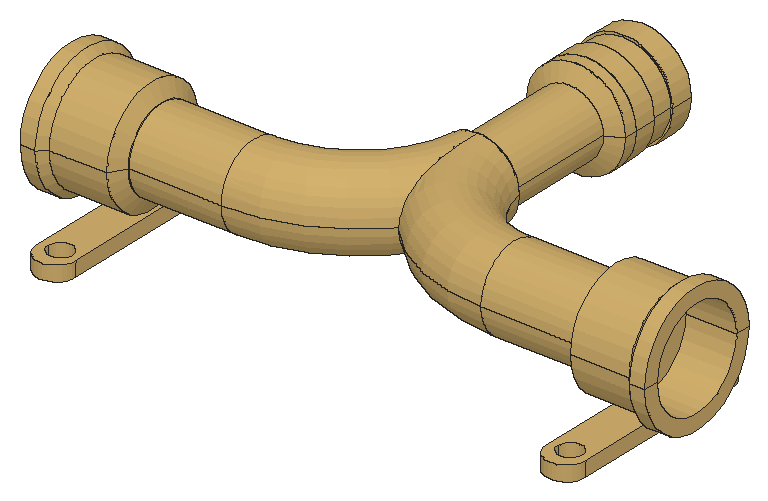
Revit family "PEX_Te_Mist", category Pipe Fittings, Revit 2025
Family settings
  Round Connector Dimension = Use Diameter
  Part Type = Tee
  OmniClass Number = 23.60.30.11.14
  OmniClass Title = Pipework Fittings
  Work Plane-Based = No
  Always vertical = Yes
  Cut with Voids When Loaded = No
  Shared = No
Parameters (values of type "16x1/2"")
  Visualização Conexão = yes
  URL = "https://www.ultrapex.com.br/_files/ugd/9f3173_32d47a29bbff48b5af4781a5d529eee8.pdf"
  ULTRAPEX: Versão = "01"  # constant formula
  ULTRAPEX: Norma Técnica = "NBR 15939"  # constant formula
  ULTRAPEX: Descrição [instance] = size_lookup(LookupTable, "DES", "Produto Inexistente", DN1, DN2)  # "Tê Misturador 16x1/2\" - ULTRAPEX"
  ULTRAPEX: Código [instance] = size_lookup(LookupTable, "COD", 0, DN1, DN2)  # 9141612
  Type Image = Tê Misturador.png
  RN2 = DN2 / 2  # 10.05 mm
  RN1 [instance] = DN1 / 2 + 2.0 mm  # 10.0 mm
  Material = Latão - Ultrapex
  LookupTable = "Tê Misturador - ULTRAPEX"
  IfcExportAs = "IfcPipeFittingType.CONNECTOR"  # constant formula
  Manufacturer = "UltraPEX"  # constant formula
  Default Elevation = 0.0 mm
  Description = "Tê Misturador - ULTRAPEX"
  DN2 Nominal = 20.0 mm
  DN2 = if(DN2 Nominal = 20 mm, 20.1 mm, if(DN2 Nominal = 25 mm, 26.4 mm, if(DN2 Nominal = 32 mm, 33.4 mm, 20 mm)))  # 20.1 mm
  DN1 = 16 mm
  Cota J = size_lookup(LookupTable, "J", 10.3 mm, DN1, DN2)  # 10.3 mm
  Cota I = size_lookup(LookupTable, "I", 1.5 mm, DN1, DN2)  # 1.5 mm
  Cota H = size_lookup(LookupTable, "H", 16.7 mm, DN1, DN2)  # 16.7 mm
  Cota G = size_lookup(LookupTable, "G", 23.5 mm, DN1, DN2)  # 23.5 mm
  Cota F = size_lookup(LookupTable, "F", 21.5 mm, DN1, DN2)  # 26.1 mm
  Cota E = size_lookup(LookupTable, "E", 16.7 mm, DN1, DN2)  # 16.7 mm
  Cota D = size_lookup(LookupTable, "D", 4.3 mm, DN1, DN2)  # 4.3 mm
  Cota C = size_lookup(LookupTable, "C", 103.0 mm, DN1, DN2)  # 103.0 mm
  Cota B = size_lookup(LookupTable, "B", 65.0 mm, DN1, DN2)  # 65.0 mm
  Cota A = size_lookup(LookupTable, "A", 126.2 mm, DN1, DN2)  # 126.2 mm
Types (4, lengths in mm): name | ULTRAPEX: Descrição | ULTRAPEX: Código | RN2 | RN1 | DN2 Nominal | DN2 | DN1 | Cota J | Cota I | Cota H | Cota G | Cota F | Cota E | Cota D | Cota C | Cota B | Cota A
  16x1/2" | "Tê Misturador 16x1/2\" - ULTRAPEX" | 9141612 | 10.05 | 10.0 | 20.0 | 20.1 | 16 | 10.3 | 1.5 | 16.7 | 23.5 | 26.1 | 16.7 | 4.3 | 103.0 | 65.0 | 126.2
  16x3/4" | "Tê Misturador 16x3/4\"  - ULTRAPEX" | 9141634 | 13.2 | 10.0 | 25.0 | 26.4 | 16 | 11.8 | 1.5 | 17.9 | 25.1 | 30.4 | 17.8 | 4.6 | 105.0 | 68.0 | 135.0
  20x1/2" | "Tê Misturador 20x1/2\" - ULTRAPEX" | 9142012 | 10.05 | 12.0 | 20.0 | 20.1 | 20 | 10.3 | 0.5 | 16.7 | 23.5 | 26.1 | 16.7 | 4.3 | 103.0 | 65.0 | 126.2
  20x3/4" | "Tê Misturador 20x3/4\" - ULTRAPEX" | 9142034 | 13.2 | 12.0 | 25.0 | 26.4 | 20 | 11.8 | 0.5 | 17.9 | 25.1 | 30.4 | 17.8 | 4.6 | 105.0 | 68.0 | 135.0
Reference planes
  plane 1 "Centro (Frente/Trás)": y = 0
  plane 2: z = 0
  plane 3 "Centro (Esquerda/Direita)": x = 0
  plane 4: x = -63.1
  plane 5: x = 63.1
  plane 6: x = -51.5
  plane 7: x = 51.5
  plane 8: y = -22.438
  plane 9: y = 65
  plane 10: y = -13.05
  plane 11: y = 13.05
  plane 12: x = -8.35
  plane 13: x = 8.35
  plane 14: y = 23.5
  plane 15: y = 51
  plane 16: y = 46.7
  plane 17: y = 8.35
  plane 18: y = -8.35
  plane 19: x = -46.516
  plane 20: x = -45.016
  plane 21: x = 45.016
  plane 22: x = 46.516
  plane 23: y = 22.438
  plane 24: y = 18.437
  plane 25: y = -18.438
  plane 26: z = -13.05
  plane 27: z = 13.05
Forms (mm)
  Sweep 1, solid, material "Latão - Ultrapex" <- "Material", detail levels fine
    path origin (0.24, 0, 0) x (1, 0, 0) y (0, 1, 0)
      loop
        arc (-0.24, 23.5) -> (8.36, 6.736) -> (25.956, 0) r 26.351
        line (25.956, 0) -> (44.776, 0)
    profile origin (35.606, 0, 0) x (0, 1, 0) y (0, 0, 1)
      loop
        circle (0, 0) r 8.35
  Revolve 2, void, detail levels fine
    sketch origin (0, 0, 0) x (1, 0, 0) y (0, 1, 0)
      loop
        line (0, 26.351) -> (0, 23.5) -> (11.267, 23.5) -> (11.267, 26.351) -> (0, 26.351)
      axis (0, 26.351) -> (0, 23.5)
    angle from 0 to 360
  Revolve 3, solid, material "Latão - Ultrapex" <- "Material", detail levels fine
    sketch origin (0, 0, 0) x (1, 0, 0) y (0, 1, 0)
      loop
        line (10, 51) -> (0, 51) -> (0, 23.5) -> (8.35, 23.5) -> (6.85, 25) -> (6.85, 46.7) -> (10, 48.5) -> (10, 51)
      axis (0, 51) -> (0, 23.5)
    angle from 0 to 360
  Revolve 4, solid, material "Latão - Ultrapex" <- "Material", detail levels fine
    sketch origin (0.268, 0, 0) x (1, 0, 0) y (0, 1, 0)
      loop
        line (-45.284, 8.35) -> (-47.131, 11.55) -> (-58.857, 11.55) -> (-60.357, 13.05) -> (-63.368, 13.05) -> (-63.368, 10.05) -> (-53.068, 10.05) -> (-53.068, 0) -> (-45.284, 0) -> (-45.284, 8.35)
      axis (-63.368, 0) -> (-45.284, 0)
    angle from 0 to 360
  Extrusion 5, solid, material "Latão - Ultrapex" <- "Material", detail levels fine
    sketch origin (-63.1, -1524, -13.05) x (-1, 0, 0) y (0, -1, 0)
      loop
        arc (-15.6, -1542.438) -> (-11.6, -1546.438) -> (-7.6, -1542.438) r 4
        line (-7.6, -1542.438) -> (-7.6, -1505.562)
        arc (-7.6, -1505.562) -> (-11.6, -1501.562) -> (-15.6, -1505.562) r 4
        line (-15.6, -1505.562) -> (-15.6, -1542.438)
      loop
        circle (-11.6, -1541.437) r 2.5
      loop
        circle (-11.6, -1506.562) r 2.5
      loop
        line (-110.6, -1542.438) -> (-110.6, -1505.562)
        arc (-110.6, -1505.562) -> (-114.6, -1501.562) -> (-118.6, -1505.562) r 4
        line (-118.6, -1505.562) -> (-118.6, -1542.438)
        arc (-118.6, -1542.438) -> (-114.6, -1546.438) -> (-110.6, -1542.438) r 4
      loop
        circle (-114.6, -1541.437) r 2.5
      loop
        circle (-114.6, -1506.562) r 2.5
    from 0 to -3
  Sweep 6, solid, material "Latão - Ultrapex" <- "Material", detail levels fine
    path origin (-0.24, 0, 0) x (-1, 0, 0) y (0, 1, 0)
      loop
        arc (-0.24, 23.5) -> (8.36, 6.736) -> (25.956, 0) r 26.351
        line (25.956, 0) -> (44.776, 0)
    profile origin (-35.606, 0, 0) x (0, -1, 0) y (0, 0, 1)
      loop
        circle (0, 0) r 8.35
  Revolve 7, solid, material "Latão - Ultrapex" <- "Material", detail levels fine
    sketch origin (-0.268, 0, 0) x (-1, 0, 0) y (0, 1, 0)
      loop
        line (-45.284, 8.35) -> (-47.131, 11.55) -> (-58.868, 11.55) -> (-60.368, 13.05) -> (-63.368, 13.05) -> (-63.368, 10.05) -> (-53.068, 10.05) -> (-53.068, 0) -> (-45.284, 0) -> (-45.284, 8.35)
      axis (-63.368, 0) -> (-45.284, 0)
    angle from 0 to 360
Cuts and joins
  joined: Revolve 3, Revolve 4, Extrusion 5, Revolve 7
  Revolve 2 cuts Sweep 1
  Revolve 2 cuts Sweep 6
  joined: Sweep 1, Sweep 6
Lines and regions (mm)
  model lines, detail levels coarse+medium
    curve 1: line (0, 51, 0) -> (0, 23.5, 0)
    curve 2: line (-63.1, 0, 0) -> (-27.716, 0, 0)
    curve 3: arc (-27.716, 0, 0) -> (-9.128, 6.172, 0) -> (0, 23.5, 0) r 26.224
    curve 4: line (63.1, 0, 0) -> (27.716, 0, 0)
    curve 5: arc (27.716, 0, 0) -> (9.128, 6.172, 0) -> (0, 23.5, 0) r 26.224
Dimensions and locks
  "Cota A": plane 4 to plane 5
  "Cota C": plane 6 to plane 7
  locked: plane 15 to plane 9 at 14
  "Cota D": plane 16 to plane 15
  equal spacing: plane 20, plane 3 "Centro (Esquerda/Direita)", plane 21
  equal spacing: plane 19, plane 3 "Centro (Esquerda/Direita)", plane 22
  locked: plane 19 to plane 20 at 1.5
  plane 21 to plane 22 = 1.5 mm
  equal spacing: plane 6, plane 3 "Centro (Esquerda/Direita)", plane 7
  equal spacing: plane 18, plane 1 "Centro (Frente/Trás)", plane 17
  equal spacing: plane 10, plane 1 "Centro (Frente/Trás)", plane 11
  "Cota F": plane 10 to plane 11
  "Cota E": plane 18 to plane 17
  "Cota H": plane 12 to plane 13
  "Cota G": plane 1 "Centro (Frente/Trás)" to plane 14
  equal spacing: plane 12, plane 3 "Centro (Esquerda/Direita)", plane 13
  locked: Revolve 3 sketch curve to plane 15 at 2.5
  "RN2": plane 1 "Centro (Frente/Trás)" to Revolve 4 sketch curve
  "RN2": plane 1 "Centro (Frente/Trás)" to Revolve 7 sketch curve
  equal spacing: plane 4, plane 3 "Centro (Esquerda/Direita)", plane 5
  "Cota B": plane 1 "Centro (Frente/Trás)" to plane 9
  locked: plane 24 to plane 23 at 4
  locked: plane 25 to plane 8 at 4
  equal spacing: plane 8, plane 1 "Centro (Frente/Trás)", plane 23
  locked: plane 8 to plane 23 at 44.875
  equal spacing: Extrusion 5 sketch curve, plane 6, Extrusion 5 sketch curve  (x3)
  locked: Extrusion 5 sketch curve to Extrusion 5 sketch curve at 8  (x2)
  locked: plane 24 to Extrusion 5 sketch curve at 4  (x2)
  locked: Extrusion 5 sketch curve to plane 25 at 4  (x2)
  locked: Extrusion 5 sketch curve to plane 23 at 5  (x2)
  locked: Extrusion 5 sketch curve to plane 8 at 5  (x2)
  locked: Extrusion 5 sketch curve to Extrusion 5 sketch curve at 5  (x4)
  equal spacing: Extrusion 5 sketch curve, plane 7, Extrusion 5 sketch curve  (x3)
  locked: plane 14 to Revolve 3 sketch curve at 1.5
  "Cota I": Revolve 3 sketch curve to plane 13
  "RN1": plane 3 "Centro (Esquerda/Direita)" to Revolve 3 sketch curve
  plane 2 to plane 26 = 13.05 mm
  equal spacing: plane 27, plane 2, plane 26
  "Cota F": plane 27 to plane 26
  "Cota J": plane 4 to Revolve 4 sketch curve
  "Cota J": Revolve 7 sketch curve to plane 5
  locked: Revolve 4 sketch curve to Revolve 4 sketch curve at 3
  locked: Revolve 4 sketch curve to Revolve 4 sketch curve at 3.011
  locked: Revolve 7 sketch curve to Revolve 7 sketch curve at 3  (x2)
  equal spacing: Revolve 7 sketch curve, Revolve 7 sketch curve, Revolve 7 sketch curve
  equal spacing: Revolve 4 sketch curve, Revolve 4 sketch curve, Revolve 4 sketch curve
  "Cota H": diameter of Sweep 6 sketch curve
  "Cota H": diameter of Sweep 1 sketch curve
  locked: Revolve 4 sketch curve to plane 11 (angle 45.00°)
  locked: plane 11 to Revolve 7 sketch curve (angle 45.00°)
  locked: Revolve 4 sketch curve to plane 17 (angle 60.00°)
  locked: plane 17 to Revolve 7 sketch curve (angle 60.00°)
  aligned and locked: plane 2 to level
  aligned and locked: plane 3 "Centro (Esquerda/Direita)" to Sweep 1 sketch curve
  aligned and locked: plane 1 "Centro (Frente/Trás)" to Sweep 1 sketch curve
  aligned and locked: plane 3 "Centro (Esquerda/Direita)" to Sweep 6 sketch curve
  aligned and locked: Sweep 6 sketch curve to plane 1 "Centro (Frente/Trás)"
  aligned and locked: plane 15 to Revolve 3 sketch curve
  aligned and locked: plane 1 "Centro (Frente/Trás)" to Revolve 4 sketch curve
  aligned and locked: Revolve 4 sketch curve to plane 20
  aligned and locked: plane 17 to Revolve 7 sketch curve
  aligned and locked: Revolve 7 sketch curve to plane 21
  aligned and locked: Revolve 7 sketch curve to plane 1 "Centro (Frente/Trás)"  (x2)
  aligned and locked: plane 5 to Revolve 7 sketch curve
  aligned and locked: plane 15 to nested 1
  aligned and locked: plane 25 to Extrusion 5 sketch curve
  aligned and locked: Extrusion 5 sketch curve to plane 25  (x3)
  aligned and locked: plane 24 to Extrusion 5 sketch curve
  aligned and locked: Extrusion 5 sketch curve to plane 24  (x3)
  aligned and locked: Revolve 3 sketch curve to plane 3 "Centro (Esquerda/Direita)"
  aligned and locked: nested 1 to Revolve 3 sketch curve
  aligned and locked: plane 13 to Revolve 3 sketch curve
Automatic sketch dimensions
  Sweep 1 sketch curve to plane 21 = 0.0 mm
  plane 14 to Sweep 1 sketch curve = 0.0 mm
  Sweep 1 sketch curve to plane 14 = 2.851 mm
  Revolve 2 sketch curve to plane 3 "Centro (Esquerda/Direita)" = 0.0 mm  (x2)
  plane 14 to Revolve 2 sketch curve = 0.0 mm
  Revolve 2 sketch curve to plane 13 = 2.917 mm
  Revolve 2 sketch curve to plane 14 = 2.851 mm
  Revolve 2 sketch curve to Revolve 2 sketch curve = 3.627 mm
  Revolve 2 sketch curve to Revolve 2 sketch curve = 2.159 mm
  Sweep 6 sketch curve to plane 20 = 0.0 mm
  plane 14 to Sweep 6 sketch curve = 0.0 mm
  plane 14 to Sweep 6 sketch curve = 2.851 mm
  plane 1 "Centro (Frente/Trás)" to curve 2 = 0.0 mm
  curve 2 to plane 4 = 0.0 mm
  curve 1 to plane 3 "Centro (Esquerda/Direita)" = 0.0 mm
  plane 1 "Centro (Frente/Trás)" to curve 5 = 0.0 mm
  curve 4 to plane 5 = 0.0 mm
  plane 14 to curve 1 = 0.0 mm
  plane 15 to curve 1 = 0.0 mm
  curve 2 to plane 20 = 17.3 mm
  curve 3 to plane 14 = 2.674 mm
  curve 5 to plane 14 = 2.674 mm
  plane 3 "Centro (Esquerda/Direita)" to curve 5 = 26.088 mm
  Sweep 1 sketch curve to profile plane = 0.0 mm  (x2)
  plane 23 to Revolve 3 sketch curve = 0.0 mm
  plane 14 to Revolve 3 sketch curve = 0.0 mm
  plane 16 to Revolve 3 sketch curve = 0.0 mm
  plane 15 to Revolve 3 sketch curve = 0.0 mm
  plane 1 "Centro (Frente/Trás)" to Revolve 4 sketch curve = 0.0 mm
  Revolve 4 sketch curve to plane 4 = 0.0 mm
  plane 17 to Revolve 4 sketch curve = 0.0 mm
  plane 4 to Revolve 4 sketch curve = 0.639 mm
  plane 6 to Revolve 4 sketch curve = 0.032 mm
  Sweep 6 sketch curve to level = 0.0 mm
  Sweep 6 sketch curve to profile plane = 0.0 mm
  plane 5 to Revolve 7 sketch curve = 0.103 mm
  plane 7 to Revolve 7 sketch curve = 0.032 mm
Nested families
  nested 1: "Anel Deslizante - ULTRAPEX" at (0, 51, 0), Diâmetro Nominal <- "DN1", type "Anel Deslizante - ULTRAPEX"
    with ULTRAPEX: Descrição "Anel Deslizante 16 mm - ULTRAPEX", ULTRAPEX: Código 9040016, Diâmetro Nominal 16 mm, DN 16.0 mm, Cota C 4.667 mm, Cota B 14.0 mm, Cota A 20.0 mm
Connectors
  piping at (52.8, 0, 0), diameter 20, driven by "DN2 Nominal"
    settings: on cut or joined group of Revolve 3, Revolve 4, Extrusion 5, Revolve 7, index 1, connector inside diameter 609.6 mm, connector length 0.0 mm, flow factor 0, pipe flow 0.0 L/s, pressure drop 0.0 Pa, fitting loss kfactor 0, connector angle 0.00°, fixture units 0, engagement length 0.0 mm, angle of deflection 0.00°, flow configuration 0, flow direction 0, fitting loss method 0, system type 28, joint type 0, gender type 0, connector reference index -1, connector utility 0, adjustable connector no, is connector primary yes, connector description ""
  piping at (-52.8, 0, 0), diameter 20, driven by "DN2 Nominal"
    settings: on cut or joined group of Revolve 3, Revolve 4, Extrusion 5, Revolve 7, index 2, connector inside diameter 609.6 mm, connector length 0.0 mm, flow factor 0, pipe flow 0.0 L/s, pressure drop 0.0 Pa, fitting loss kfactor 0, connector angle 0.00°, fixture units 0, engagement length 0.0 mm, angle of deflection 0.00°, flow configuration 0, flow direction 0, fitting loss method 0, system type 28, joint type 0, gender type 0, connector reference index -1, connector utility 0, adjustable connector no, is connector primary no, connector description ""
  piping at (0, 51, 0), diameter 16, driven by "DN1"
    settings: on cut or joined group of Revolve 3, Revolve 4, Extrusion 5, Revolve 7, index 3, connector inside diameter 609.6 mm, connector length 0.0 mm, flow factor 0, pipe flow 0.0 L/s, pressure drop 0.0 Pa, fitting loss kfactor 0, connector angle 0.00°, fixture units 0, engagement length 0.0 mm, angle of deflection 0.00°, flow configuration 0, flow direction 0, fitting loss method 0, system type 28, joint type 0, gender type 0, connector reference index -1, connector utility 0, adjustable connector no, is connector primary no, connector description ""
Definition of nested family "Anel Deslizante - ULTRAPEX"
  Parameters (values of type "ANEL DESLIZANTE 16mm")
    URL = "https://www.ultrapex.com.br/_files/ugd/9f3173_32d47a29bbff48b5af4781a5d529eee8.pdf"
    ULTRAPEX: Versão = "00"  # constant formula
    ULTRAPEX: Norma Técnica = "NBR 15939"  # constant formula
    ULTRAPEX: Descrição [instance] = size_lookup(LookupTable, "DES", "Produto Inexistente", Diâmetro Nominal)  # "Anel Deslizante 16 mm - ULTRAPEX"
    ULTRAPEX: Código [instance] = size_lookup(LookupTable, "COD", 0, Diâmetro Nominal)  # 9040016
    Type Image = element 382182
    Material = none
    LookupTable = "Anel Deslizante - ULTRAPEX"  # constant formula
    IfcExportAs = "IfcPipeFittingType.CONNECTOR"  # constant formula
    Manufacturer = "UltraPEX"  # constant formula
    Default Elevation = 0.0 mm
    Diâmetro Nominal [instance] = 16 mm
    Description = "Anel Deslizante - ULTRAPEX"
    DN [instance] = size_lookup(LookupTable, "DN", 16.0 mm, Diâmetro Nominal)  # 16.0 mm
    Cota C [instance] = Cota B / 3  # 4.667 mm
    Cota B [instance] = size_lookup(LookupTable, "B", 14.0 mm, Diâmetro Nominal)  # 14.0 mm
    Cota A [instance] = size_lookup(LookupTable, "A", 20.0 mm, Diâmetro Nominal)  # 20.0 mm
  Reference planes
    plane 1 "Centro (Frente/Trás)": y = 0
    plane 2: z = 0
    plane 3 "Centro (Esquerda/Direita)": x = 0
    plane 4: x = 8
    plane 5: x = -8
    plane 6: x = -10
    plane 7: x = 10
    plane 8: y = 14
  Forms (mm)
    Revolve 1, solid, material <- "Material", detail levels fine
      sketch origin (0, 0, 0) x (1, 0, 0) y (0, 1, 0)
        loop
          line (10, 0) -> (10, 14) -> (8, 14) -> (8, 0) -> (10, 0)
        axis (0, 0) -> (0, 14)
      angle from 0 to 360
    Revolve 2, void
      sketch origin (0, 0, 0) x (1, 0, 0) y (0, 1, 0)
        loop
          line (-10.952, 9.333) -> (-10.952, 4.667) -> (-9.524, 4.667) -> (-9.524, 9.333) -> (-10.952, 9.333)
        axis (0, 4.667) -> (0, 9.333)
      angle from 0 to 360
  Cuts and joins
    Revolve 2 cuts Revolve 1
  Lines and regions (mm)
    model lines, detail levels coarse+medium
      curve 1: line (0, 0, 0) -> (0, 14, 0)
  Dimensions and locks
    "DN": plane 5 to plane 4
    "Cota A": plane 6 to plane 7
    equal spacing: plane 6, plane 3 "Centro (Esquerda/Direita)", plane 7
    equal spacing: plane 5, plane 3 "Centro (Esquerda/Direita)", plane 4
    "Cota B": plane 1 "Centro (Frente/Trás)" to plane 8
    "Cota C": Revolve 2 sketch curve to plane 8
    "Cota C": plane 1 "Centro (Frente/Trás)" to Revolve 2 sketch curve
    locked: plane 6 to Revolve 2 sketch curve at 0.476
    locked: Revolve 2 sketch curve to Revolve 2 sketch curve at 1.428
    aligned and locked: level to plane 2
    aligned and locked: plane 3 "Centro (Esquerda/Direita)" to Revolve 1 sketch curve
    aligned and locked: Revolve 1 sketch curve to plane 7
    aligned and locked: plane 4 to Revolve 1 sketch curve
    aligned and locked: plane 1 "Centro (Frente/Trás)" to Revolve 1 sketch curve
    aligned and locked: plane 8 to Revolve 1 sketch curve
    aligned and locked: plane 8 to curve 1
    aligned and locked: plane 1 "Centro (Frente/Trás)" to curve 1
  Automatic sketch dimensions
    plane 1 "Centro (Frente/Trás)" to Revolve 1 sketch curve = 0.0 mm
    Revolve 1 sketch curve to Revolve 1 sketch curve = 0.0 mm
    curve 1 to plane 3 "Centro (Esquerda/Direita)" = 0.0 mm
    Revolve 2 sketch curve to plane 3 "Centro (Esquerda/Direita)" = 0.0 mm
    plane 1 "Centro (Frente/Trás)" to Revolve 2 sketch curve = 0.0 mm
    plane 8 to Revolve 2 sketch curve = 2.253 mm
